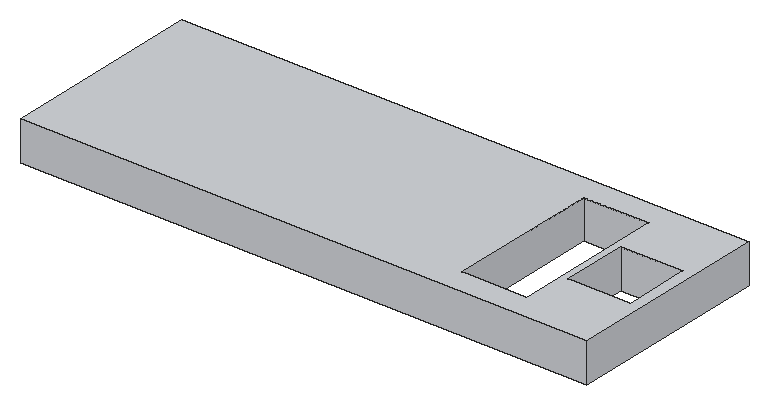
Revit family "G805-003 CAB36", category Mechanical Equipment, Revit 2012
Parameters (values of type "3 TON")
  URL = "http://desert-aire.com/"
  Type Comments = "NON PACKAGED"
  RC Return Radius = 0' - 0 1/4"
  RC Discharge Radius = 0' - 0 5/16"
  Outdoor Unit = yes
  Model = "G805-002"
  Manufacturer = "DESERT AIRE"
  Description = ""
  Curb Height = 0' - 8"
  Cost = 0
Types (3): name | RC Return Radius | RC Discharge Radius | Model
  (no name) | 0' - 0 1/4" | 0' - 0 5/16" | "G805-002"
  2 TON | 0' - 0 3/16" | 0' - 0 1/4" | "G805-003"
  3 TON | 0' - 0 1/4" | 0' - 0 5/16" | "G805-002"
Reference planes (in)
  plane 1: y = 0
  plane 2: z = 0
  plane 3: x = 0
  plane 4: z = 8
  plane 5: z = 56.99
  plane 6: z = 29.752
Forms (in)
  Extrusion 1, solid
    sketch origin (0, 0, 0) x (1, 0, 0) y (0, 1, 0)
      loop
        line (-56.54609, 20.5625) -> (-56.54609, -20.5625) -> (58.82891, -20.5625) -> (58.82891, 20.5625) -> (-56.54609, 20.5625)
      loop
        line (29.30891, -15.5) -> (42.62391, -15.5) -> (42.62391, 15.5) -> (29.30891, 15.5) -> (29.30891, -15.5)
      loop
        line (56.68439, -6.79) -> (56.68439, 6.685) -> (43.97629, 6.685) -> (43.97629, -6.79) -> (56.68439, -6.79)
    from 0 to 8
Dimensions and locks (in)
  "Curb Height": plane 4 to plane 2
  locked: plane 5 to plane 4 at 48.99
  locked: plane 5 to plane 6 at 27.238
  aligned and locked: plane 4 to Extrusion 1
  aligned and locked: plane 4 to import instance
  aligned and locked: import instance to import instance
  aligned and locked: plane 6 to import instance
  aligned and locked: plane 5 to import instance
Automatic sketch dimensions
  plane 1 to Extrusion 1 sketch curve = 1' - 8 9/16"
  Extrusion 1 sketch curve to plane 3 = 4' - 8.54609"
  plane 3 to Extrusion 1 sketch curve = 2' - 5.30891"
  Extrusion 1 sketch curve to Extrusion 1 sketch curve = 1' - 1.315"
  Extrusion 1 sketch curve to Extrusion 1 sketch curve = 0' - 1.35239"
  Extrusion 1 sketch curve to Extrusion 1 sketch curve = 1' - 0.7081"
  Extrusion 1 sketch curve to Extrusion 1 sketch curve = 0' - 2 37/256"
  plane 1 to Extrusion 1 sketch curve = 1' - 3 1/2"
  Extrusion 1 sketch curve to Extrusion 1 sketch curve = 0' - 8.71"
  Extrusion 1 sketch curve to plane 1 = 0' - 6.685"
  Extrusion 1 sketch curve to plane 1 = 1' - 3 1/2"
  Extrusion 1 sketch curve to plane 1 = 1' - 8 9/16"
Connectors (in)
  piping at (-0.91034, 0.13787, 0)
    settings: on Extrusion 1, index 7, connector radius 1/2", flow factor 0, pipe flow 0 GPM, pressure drop 0.00 psi, fitting loss kfactor 0, connector angle 0.00°, fixture units 0, engagement length 0' - 0", flow configuration 0, flow direction 0, fitting loss method 0, system type 22, joint type 0, gender type 0, connector reference index -1, connector utility 0, adjustable connector no, is connector primary yes, fitting loss table "", connector description "BOTTOM CONDENSATE"
  electrical at (63.47976, -20.06049, 52.33769)
    settings: on import instance, index 8, voltage 0 V, apparent load 0 VA, apparent load phase1 0 VA, apparent load phase2 0 VA, apparent load phase3 0 VA, power factor 1, load classification "Other", number of poles 1, system type 31, power factor state 1, is connector primary yes, connector utility no, sub classification motor no, connector description "OPTIONAL DISCONNECT LOCATION"
  piping at (0.48116, -24.56, 13.52831)
    settings: on import instance, index 9, connector radius 1/2", flow factor 0, pipe flow 0 GPM, pressure drop 0.00 psi, fitting loss kfactor 0, connector angle 0.00°, fixture units 0, engagement length 0' - 0", flow configuration 0, flow direction 0, fitting loss method 0, system type 22, joint type 0, gender type 0, connector reference index -1, connector utility 0, adjustable connector no, is connector primary no, fitting loss table "", connector description "LEFT SIDE CONDENSATE"
  piping at (21.23116, -24.56, 13.52831), driven by "RC Discharge Radius"
    settings: on import instance, index 10, connector radius 5/16", flow factor 0, pipe flow 0 GPM, pressure drop 0.00 psi, fitting loss kfactor 0, connector angle 0.00°, fixture units 0, engagement length 0' - 0", flow configuration 0, flow direction 0, fitting loss method 0, system type 7, joint type 0, gender type 0, connector reference index -1, connector utility 0, adjustable connector no, is connector primary no, fitting loss table "", connector description "LEFT SIDE RC DISCHARGE CONNECTION LOCATION"
  piping at (21.23116, -24.56, 15.27831), driven by "RC Return Radius"
    settings: on import instance, index 11, connector radius 1/4", flow factor 0, pipe flow 0 GPM, pressure drop 0.00 psi, fitting loss kfactor 0, connector angle 0.00°, fixture units 0, engagement length 0' - 0", flow configuration 0, flow direction 0, fitting loss method 0, system type 8, joint type 0, gender type 0, connector reference index -1, connector utility 0, adjustable connector no, is connector primary no, fitting loss table "", connector description "LEFT SIDE RC RETURN CONNECTION LOCATION"
  piping at (21.23116, -24.56, 21.27831)
    settings: on import instance, index 12, connector radius 7/16", flow factor 0, pipe flow 0 GPM, pressure drop 0.00 psi, fitting loss kfactor 0, connector angle 0.00°, fixture units 0, engagement length 0' - 0", flow configuration 0, flow direction 0, fitting loss method 0, system type 20, joint type 0, gender type 0, connector reference index -1, connector utility 0, adjustable connector no, is connector primary no, fitting loss table "", connector description "LEFT SIDE WATER INLET CONNECTION LOCATION"
  piping at (21.23116, -24.56, 23.02831)
    settings: on import instance, index 13, connector radius 7/16", flow factor 0, pipe flow 0 GPM, pressure drop 0.00 psi, fitting loss kfactor 0, connector angle 0.00°, fixture units 0, engagement length 0' - 0", flow configuration 0, flow direction 0, fitting loss method 0, system type 20, joint type 0, gender type 0, connector reference index -1, connector utility 0, adjustable connector no, is connector primary no, fitting loss table "", connector description "LEFT SIDE WATER OUTLET CONNECTION LOCATION"
  piping at (0.46919, 24.56, 13.47479)
    settings: on import instance, index 14, connector radius 1/2", flow factor 0, pipe flow 0 GPM, pressure drop 0.00 psi, fitting loss kfactor 0, connector angle 0.00°, fixture units 0, engagement length 0' - 0", flow configuration 0, flow direction 0, fitting loss method 0, system type 22, joint type 0, gender type 0, connector reference index -1, connector utility 0, adjustable connector no, is connector primary no, fitting loss table "", connector description "RIGHT SIDE CONDENSATE"
  piping at (21.21524, 24.56, 13.56944), driven by "RC Discharge Radius"
    settings: on import instance, index 15, connector radius 5/16", flow factor 0, pipe flow 0 GPM, pressure drop 0.00 psi, fitting loss kfactor 0, connector angle 0.00°, fixture units 0, engagement length 0' - 0", flow configuration 0, flow direction 0, fitting loss method 0, system type 7, joint type 0, gender type 0, connector reference index -1, connector utility 0, adjustable connector no, is connector primary no, fitting loss table "", connector description "RIGHT SIDE RC DISCHARGE CONNECTION LOCATION"
  piping at (21.21524, 24.56, 15.28505), driven by "RC Return Radius"
    settings: on import instance, index 16, connector radius 1/4", flow factor 0, pipe flow 0 GPM, pressure drop 0.00 psi, fitting loss kfactor 0, connector angle 0.00°, fixture units 0, engagement length 0' - 0", flow configuration 0, flow direction 0, fitting loss method 0, system type 8, joint type 0, gender type 0, connector reference index -1, connector utility 0, adjustable connector no, is connector primary no, fitting loss table "", connector description "RIGHT SIDE RC RETURN CONNECTION LOCATION"
  piping at (21.21524, 24.56, 21.28505)
    settings: on import instance, index 17, connector radius 7/16", flow factor 0, pipe flow 0 GPM, pressure drop 0.00 psi, fitting loss kfactor 0, connector angle 0.00°, fixture units 0, engagement length 0' - 0", flow configuration 0, flow direction 0, fitting loss method 0, system type 20, joint type 0, gender type 0, connector reference index -1, connector utility 0, adjustable connector no, is connector primary no, fitting loss table "", connector description "RIGHT SIDE WATER INLET CONNECTION LOCATION"
  piping at (21.21524, 24.56, 23.03505)
    settings: on import instance, index 18, connector radius 7/16", flow factor 0, pipe flow 0 GPM, pressure drop 0.00 psi, fitting loss kfactor 0, connector angle 0.00°, fixture units 0, engagement length 0' - 0", flow configuration 0, flow direction 0, fitting loss method 0, system type 20, joint type 0, gender type 0, connector reference index -1, connector utility 0, adjustable connector no, is connector primary no, fitting loss table "", connector description "RIGHT SIDE WATER OUTLET CONNECTION LOCATION"
  hvac at (63.47976, 0, 41.38407)
    settings: on import instance, index 19, duct flow 0 CFM, flow factor 0, pres drop 0.00 in-wg, loss coef 0, conn angle 0.00°, conn width 13 1/4", conn height 12 3/4", conn radius 12", duct sys type 1, conn prof type 1, flow config 0, flow direction 0, loss method 0, conn ref index -1, conn util no, is conn primary yes, conn desc "SUPPLY DISCHARGE"
  hvac at (63.47976, 0.01602, 19.29511)
    settings: on import instance, index 20, duct flow 0 CFM, flow factor 0, pres drop 0.00 in-wg, loss coef 0, conn angle 0.00°, conn width 30 1/4", conn height 10", conn radius 12", duct sys type 2, conn prof type 1, flow config 0, flow direction 0, loss method 0, conn ref index -1, conn util no, is conn primary no, conn desc "RETURN INTAKE"
  hvac at (-62.51034, 0, 20.57513)
    settings: on import instance, index 21, duct flow 0 CFM, flow factor 0, pres drop 0.00 in-wg, loss coef 0, conn angle 0.00°, conn width 13 1/4", conn height 12 3/4", conn radius 12", duct sys type 3, conn prof type 1, flow config 0, flow direction 0, loss method 0, conn ref index -1, conn util no, is conn primary no, conn desc "EXHAUST DISCHARGE"
  hvac at (-62.51034, 0.02084, 48.22883)
    settings: on import instance, index 22, duct flow 0 CFM, flow factor 0, pres drop 0.00 in-wg, loss coef 0, conn angle 0.00°, conn width 35 7/8", conn height 17 7/8", conn radius 12", duct sys type 3, conn prof type 1, flow config 0, flow direction 0, loss method 0, conn ref index -1, conn util no, is conn primary no, conn desc "O/A INTAKE"
  hvac at (56.03996, -0.0904, 57.76)
    settings: on import instance, index 23, duct flow 0 CFM, flow factor 0, pres drop 0.00 in-wg, loss coef 0, conn angle 0.00°, conn width 13 1/4", conn height 12 3/4", conn radius 12", duct sys type 1, conn prof type 1, flow config 0, flow direction 0, loss method 0, conn ref index -1, conn util no, is conn primary no, conn desc "SUPPLY DISCHARGE"
  hvac at (35.83604, -0.17064, 8.895)
    settings: on import instance, index 24, duct flow 0 CFM, flow factor 0, pres drop 0.00 in-wg, loss coef 0, conn angle 0.00°, conn width 13", conn height 31", conn radius 12", duct sys type 2, conn prof type 1, flow config 0, flow direction 0, loss method 0, conn ref index -1, conn util no, is conn primary no, conn desc "RETURN AIR DUCT CONNECTION"
  hvac at (50.3203, -0.02284, 8.895)
    settings: on import instance, index 25, duct flow 0 CFM, flow factor 0, pres drop 0.00 in-wg, loss coef 0, conn angle 0.00°, conn width 12 3/4", conn height 13 1/4", conn radius 12", duct sys type 1, conn prof type 1, flow config 0, flow direction 0, loss method 0, conn ref index -1, conn util no, is conn primary no, conn desc ""
